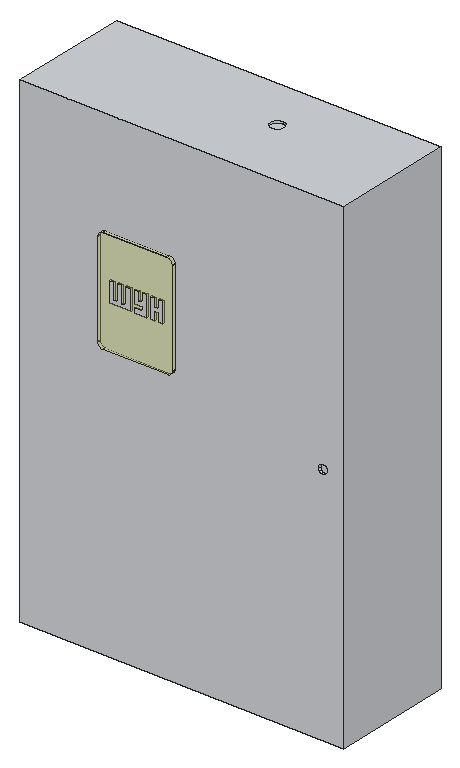
Revit family "ШУН", category Оборудование, Revit 2020
Family settings
  Размер круглого соединителя = Использовать диаметр
  Классификация = Нет
  Тип детали = Нормальный
  На основе рабочей плоскости = Нет
  Всегда вертикально = Да
  При загрузке вырезать с полостями = Нет
  Общий = Нет
  Точка расчета площади = Нет
Parameters (values of type "ШУН_SE_АВВ_75-110кВт")
  расст замок верт = 600 mm
  Ширина [instance] = 800 mm
  Расст вывода3 от левой стенки = 670 mm
  Расст замок = 750 mm
  Расст вывода2 от левой стенки = 570 mm
  Расст вывода от левой стенки = 470 mm
  Расст вывода от задней стенки = 100 mm
  Расст ПУШ от верхней стенки = 260 mm
  Расст ввод от задней стенки = 130 mm
  Расст ввод от левой стенки = 500 mm
  Расст ПУШ от левой стенки = 200 mm
  Отметка по умолчанию = 0 mm
  Описание = "ШУН-М предназначен для управления одно/трехфазным электродвигателем насоса систем водяного, пенного пожаротушения и противопожарного водопровода в режиме «Местный пуск» с лицевой панели ШУН-М или по сигналам любого модуля управления в режиме «Автоматический пуск» с отображением состояния насоса при помощи световой индикации и с передачей сигналов состояния на модуль управления."
  Назв гориз ПУШ = 120 mm
  Комментарии к типоразмеру = "Ш6/ABB"
  Изготовитель = "ООО \"Плазма-Т\""
  Группа модели = "ШУН-М"
  Глубина [instance] = 300 mm
  Высота [instance] = 1200 mm
  URL = "https://plazma-t.ru/"
Types (12, lengths in mm): name | расст замок верт | Ширина | Расст вывода3 от левой стенки | Расст замок | Расст вывода2 от левой стенки | Расст вывода от левой стенки | Расст вывода от задней стенки | Расст ПУШ от верхней стенки | Расст ввод от задней стенки | Расст ввод от левой стенки | Расст ПУШ от левой стенки | Назв гориз ПУШ | Комментарии к типоразмеру | Глубина | Высота
  ШУН_DEK _ 0,37-11кВт | 195 | 310 | 210 | 55 | 155 | 105.005 | 55 | 48 | 55 | 60 | 80 | 180 | "Ш1/DEK" | 220 | 395
  ШУН_SE_АВВ_0,37-11кВт | 195 | 305 | 210 | 260 | 150 | 90 | 100 | 48 | 100 | 220 | 30 | 120 | "Ш1/ABB" | 204 | 405
  ШУН_IP54_DEK_15-37кВт | 250 | 400 | 270 | 55 | 210 | 150 | 55 | 80 | 60 | 320 | 110 | 210 | "Ш2/IP54/DEK" | 225 | 500
  ШУН_IP31_DEK_15-37кВт | 250 | 400 | 270 | 55 | 210 | 150 | 55 | 80 | 60 | 320 | 110 | 210 | "Ш2/IP31/DEK" | 200 | 500
  ШУН_SE_АВВ_15-37кВт | 350 | 500 | 380 | 450 | 320 | 260 | 125 | 130 | 100 | 315 | 140 | 120 | "Ш3/ABB" | 250 | 700
  ШУН_DEK _ 45кВт | 400 | 650 | 330 | 55 | 260 | 190 | 125 | 180 | 60 | 400 | 340 | 210 | "Ш4/DEK" | 250 | 800
  ШУН_SE_АВВ_45кВт | 400 | 600 | 270 | 550 | 210 | 150 | 125 | 170 | 100 | 355 | 150 | 120 | "Ш4/ABB" | 250 | 800
  ШУН_IP31_DEK_55кВт | 500 | 650 | 325 | 55 | 270 | 215 | 55 | 180 | 60 | 400 | 340 | 210 | "Ш5/IP31/DEK" | 300 | 1000
  ШУН_IP54_DEK_55кВт | 500 | 650 | 480 | 55 | 380 | 280 | 125 | 240 | 60 | 400 | 340 | 210 | "Ш5/IP54/DEK" | 285 | 1000
  ШУН_SE_АВВ_55кВт | 400 | 600 | 270 | 550 | 210 | 150 | 100 | 240 | 100 | 355 | 150 | 120 | "Ш5/ABB" | 300 | 1000
  ШУН_DEK _ 75-110кВт | 600 | 750 | 480 | 55 | 380 | 280 | 125 | 350 | 60 | 400 | 410 | 210 | "Ш6/DEK" | 300 | 1200
  ШУН_SE_АВВ_75-110кВт | 600 | 800 | 670 | 750 | 570 | 470 | 100 | 260 | 130 | 500 | 200 | 120 | "Ш6/ABB" | 300 | 1200
Reference planes
  plane 1 "По центру (Вперед/Назад)": y = 0
  plane 2: z = 0
  plane 3 "По центру (Влево/Вправо)": x = 0
  plane 4: y = -9
  plane 5 "Текст": y = -9
Forms (mm)
  Extrusion 1, solid
    sketch origin (0, 0, 0) x (1, 0, 0) y (0, 1, 0)
      loop
        line (0, 0) -> (800, 0) -> (800, 300) -> (0, 300) -> (0, 0)
    from 0 to 1200
  Extrusion 2, solid, material "Источник света по умолчанию"
    sketch origin (0, 0, 0) x (1, 0, 0) y (0, 0, 1)
      loop
        arc (213, 940) -> (203.808, 936.192) -> (200, 927) r 13
        line (200, 927) -> (200, 693)
        arc (200, 693) -> (203.808, 683.808) -> (213, 680) r 13
        line (213, 680) -> (371.542, 680)
        arc (371.542, 680) -> (380.734, 683.808) -> (384.542, 693) r 13
        line (384.542, 693) -> (384.542, 927)
        arc (384.542, 927) -> (380.734, 936.192) -> (371.542, 940) r 13
        line (371.542, 940) -> (213, 940)
    from 0 to 9
  Extrusion 3, void
    sketch origin (0, 0, 0) x (1, 0, 0) y (0, 0, 1)
      loop
        circle (750, 600) r 11.5
    from 10 to -5.347
  Extrusion 4, void
    sketch origin (0, 0, 1200) x (0, 1, 0) y (1, 0, 0)
      loop
        circle (170, 500) r 17
    from 0 to 3
  Extrusion 5, void
    sketch origin (0, 0, 0) x (1, 0, 0) y (0, 1, 0)
      loop
        circle (470, 200) r 17
    from 0 to 3
  Extrusion 6, void
    sketch origin (0, 0, 0) x (1, 0, 0) y (0, 1, 0)
      loop
        circle (570, 200) r 17
    from 0 to 3
  Extrusion 7, void
    sketch origin (0, 0, 0) x (1, 0, 0) y (0, 1, 0)
      loop
        circle (670, 200) r 17
    from 0 to 3
  Extrusion 8, solid
    sketch origin (6.165, -9, 682.743) x (0, 0, -1) y (-1, 0, 0)
      loop
        line (-157.257, -223.835) -> (-157.257, -233.835) -> (-117.257, -233.835) -> (-117.257, -243.835) -> (-157.257, -243.835) -> (-157.257, -253.835) -> (-117.257, -253.835) -> (-117.257, -263.835) -> (-157.257, -263.835) -> (-157.257, -273.835) -> (-107.257, -273.835) -> (-107.257, -223.835) -> (-157.257, -223.835)
      loop
        line (-157.257, -283.835) -> (-157.257, -293.835) -> (-137.257, -293.835) -> (-137.257, -303.835) -> (-157.257, -303.835) -> (-157.257, -313.835) -> (-107.257, -313.835) -> (-107.257, -283.835) -> (-117.257, -283.835) -> (-117.257, -303.835) -> (-127.257, -303.835) -> (-127.257, -283.835) -> (-157.257, -283.835)
      loop
        line (-157.257, -323.835) -> (-157.257, -333.835) -> (-137.257, -333.835) -> (-137.257, -343.835) -> (-157.257, -343.835) -> (-157.257, -353.835) -> (-107.257, -353.835) -> (-107.257, -343.835) -> (-127.257, -343.835) -> (-127.257, -333.835) -> (-107.257, -333.835) -> (-107.257, -323.835) -> (-157.257, -323.835)
    from 0 to 3
  Extrusion 9, void
    sketch origin (0, 0, 0) x (1, 0, 0) y (0, 1, 0)
      loop
        circle (50, 50) r 17
      loop
        circle (100, 50) r 17
      loop
        circle (150, 50) r 17
      loop
        circle (200, 50) r 17
    from 0 to 3
Cuts and joins
  Extrusion 3, Extrusion 4, Extrusion 5, Extrusion 6, Extrusion 7, Extrusion 9 cuts Extrusion 1
Dimensions and locks
  "Ширина": Extrusion 1 to Extrusion 1
  "Глубина": Extrusion 1 to Extrusion 1
  "Высота": Extrusion 1 to Extrusion 1
  Extrusion 1 to Extrusion 2 sketch curve = 260 mm
  "Расст ПУШ от верхней стенки": Extrusion 1 to Extrusion 2
  "расст замок верт": Extrusion 1 to Extrusion 3 sketch curve
  "Расст замок": Extrusion 1 to Extrusion 3 sketch curve
  "Расст ввод от левой стенки": Extrusion 4 sketch curve to cut or joined group of Extrusion 1, Extrusion 3, Extrusion 4, Extrusion 5, Extrusion 6, Extrusion 7, Extrusion 9
  "Расст ввод от задней стенки": cut or joined group of Extrusion 1, Extrusion 3, Extrusion 4, Extrusion 5, Extrusion 6, Extrusion 7, Extrusion 9 to Extrusion 4 sketch curve
  locked: Extrusion 2 sketch curve to Extrusion 2 sketch curve at 184.542
  locked: Extrusion 2 sketch curve to Extrusion 2 sketch curve at 260
  "Расст ПУШ от левой стенки": cut or joined group of Extrusion 1, Extrusion 3, Extrusion 4, Extrusion 5, Extrusion 6, Extrusion 7, Extrusion 9 to Extrusion 2 sketch curve
  "Расст вывода от левой стенки": cut or joined group of Extrusion 1, Extrusion 3, Extrusion 4, Extrusion 5, Extrusion 6, Extrusion 7, Extrusion 9 to Extrusion 5 sketch curve
  "Расст вывода от задней стенки": cut or joined group of Extrusion 1, Extrusion 3, Extrusion 4, Extrusion 5, Extrusion 6, Extrusion 7, Extrusion 9 to Extrusion 5 sketch curve
  "Расст вывода от задней стенки": cut or joined group of Extrusion 1, Extrusion 3, Extrusion 4, Extrusion 5, Extrusion 6, Extrusion 7, Extrusion 9 to Extrusion 6 sketch curve
  "Расст вывода2 от левой стенки": cut or joined group of Extrusion 1, Extrusion 3, Extrusion 4, Extrusion 5, Extrusion 6, Extrusion 7, Extrusion 9 to Extrusion 6 sketch curve
  "Расст вывода от задней стенки": cut or joined group of Extrusion 1, Extrusion 3, Extrusion 4, Extrusion 5, Extrusion 6, Extrusion 7, Extrusion 9 to Extrusion 7 sketch curve
  "Расст вывода3 от левой стенки": cut or joined group of Extrusion 1, Extrusion 3, Extrusion 4, Extrusion 5, Extrusion 6, Extrusion 7, Extrusion 9 to Extrusion 7 sketch curve
  cut or joined group of Extrusion 1, Extrusion 3, Extrusion 4, Extrusion 5, Extrusion 6, Extrusion 7, Extrusion 9 to cut or joined group of Extrusion 1, Extrusion 3, Extrusion 4, Extrusion 5, Extrusion 6, Extrusion 7, Extrusion 9 = 800 mm
  locked: Extrusion 2 to Extrusion 8 at 160
  locked: Extrusion 2 to Extrusion 8 at 30
  locked: Extrusion 8 to Extrusion 8 at 50  (x3)
  locked: Extrusion 8 to Extrusion 8 at 90
  Extrusion 8 sketch curve to Extrusion 8 sketch curve = 130 mm
  Extrusion 8 sketch curve to Extrusion 8 sketch curve = 50 mm
  Extrusion 8 sketch curve to Extrusion 8 sketch curve = 30 mm
  cut or joined group of Extrusion 1, Extrusion 3, Extrusion 4, Extrusion 5, Extrusion 6, Extrusion 7, Extrusion 9 to Extrusion 9 sketch curve = 50 mm  (x2)
  Extrusion 9 sketch curve to Extrusion 9 sketch curve to Extrusion 9 sketch curve to Extrusion 9 sketch curve = 50 mm, 50 mm, 50 mm
  diameter of Extrusion 4 sketch curve = 34 mm
  aligned and locked: level to plane 2
  aligned and locked: Extrusion 1 to level
  aligned and locked: Extrusion 1 to plane 3 "По центру (Влево/Вправо)"
  aligned and locked: plane 1 "По центру (Вперед/Назад)" to Extrusion 1
  aligned and locked: plane 5 "Текст" to Extrusion 2
Automatic sketch dimensions
  plane 3 "По центру (Влево/Вправо)" to Extrusion 1 sketch curve = 0 mm
  plane 1 "По центру (Вперед/Назад)" to Extrusion 1 sketch curve = 0 mm
  plane 3 "По центру (Влево/Вправо)" to Extrusion 1 sketch curve = 800 mm
  Extrusion 1 sketch curve to plane 1 "По центру (Вперед/Назад)" = 300 mm
  plane 3 "По центру (Влево/Вправо)" to Extrusion 8 sketch curve = 230 mm
  level to Extrusion 8 sketch curve = 840 mm
  Extrusion 8 sketch curve to Extrusion 8 sketch curve = 0 mm  (x9)
  Extrusion 8 sketch curve to Extrusion 8 sketch curve = 20 mm  (x3)
  Extrusion 8 sketch curve to Extrusion 8 sketch curve = 10 mm  (x19)
  Extrusion 9 sketch curve to plane 1 "По центру (Вперед/Назад)" = 50 mm  (x3)
  Extrusion 2 sketch curve to Extrusion 2 sketch curve = 13 mm  (x4)
  radius of Extrusion 9 sketch curve = 17 mm  (x4)
  radius of Extrusion 3 sketch curve = 11.5 mm
  radius of Extrusion 5 sketch curve = 17 mm
  radius of Extrusion 6 sketch curve = 17 mm
  radius of Extrusion 7 sketch curve = 17 mm
Connectors
  electrical at (500, 170, 1197)
    settings: on cut or joined group of Extrusion 1, Extrusion 3, Extrusion 4, Extrusion 5, Extrusion 6, Extrusion 7, Extrusion 9, index 1, voltage 0 V, apparent load 0 VA, apparent load phase1 0 VA, apparent load phase2 0 VA, apparent load phase3 0 VA, power factor 1, load classification "Прочее", number of poles 1, system type 30, power factor state 1, is connector primary yes, connector utility no, sub classification motor no, connector description "380V"
  electrical at (470, 200, 3)
    settings: on cut or joined group of Extrusion 1, Extrusion 3, Extrusion 4, Extrusion 5, Extrusion 6, Extrusion 7, Extrusion 9, index 2, voltage 0 V, apparent load 0 VA, apparent load phase1 0 VA, apparent load phase2 0 VA, apparent load phase3 0 VA, power factor 1, load classification "Прочее", number of poles 1, system type 11, power factor state 1, is connector primary no, connector utility no, sub classification motor no, connector description "24V или 220V"
  electrical at (570, 200, 3)
    settings: on cut or joined group of Extrusion 1, Extrusion 3, Extrusion 4, Extrusion 5, Extrusion 6, Extrusion 7, Extrusion 9, index 3, voltage 0 V, apparent load 0 VA, apparent load phase1 0 VA, apparent load phase2 0 VA, apparent load phase3 0 VA, power factor 1, load classification "Прочее", number of poles 1, system type 11, power factor state 1, is connector primary no, connector utility no, sub classification motor no, connector description "шлейф"
  electrical at (50, 50, 3)
    settings: on cut or joined group of Extrusion 1, Extrusion 3, Extrusion 4, Extrusion 5, Extrusion 6, Extrusion 7, Extrusion 9, index 4, voltage 0 V, apparent load 0 VA, apparent load phase1 0 VA, apparent load phase2 0 VA, apparent load phase3 0 VA, power factor 1, load classification "Прочее", number of poles 1, system type 13, power factor state 1, is connector primary no, connector utility no, sub classification motor no, connector description "реле"
  electrical at (100, 50, 3)
    settings: on cut or joined group of Extrusion 1, Extrusion 3, Extrusion 4, Extrusion 5, Extrusion 6, Extrusion 7, Extrusion 9, index 5, voltage 0 V, apparent load 0 VA, apparent load phase1 0 VA, apparent load phase2 0 VA, apparent load phase3 0 VA, power factor 1, load classification "Прочее", number of poles 1, system type 13, power factor state 1, is connector primary no, connector utility no, sub classification motor no, connector description "реле"
  electrical at (150, 50, 3)
    settings: on cut or joined group of Extrusion 1, Extrusion 3, Extrusion 4, Extrusion 5, Extrusion 6, Extrusion 7, Extrusion 9, index 6, voltage 0 V, apparent load 0 VA, apparent load phase1 0 VA, apparent load phase2 0 VA, apparent load phase3 0 VA, power factor 1, load classification "Прочее", number of poles 1, system type 13, power factor state 1, is connector primary no, connector utility no, sub classification motor no, connector description "реле"
  electrical at (200, 50, 3)
    settings: on cut or joined group of Extrusion 1, Extrusion 3, Extrusion 4, Extrusion 5, Extrusion 6, Extrusion 7, Extrusion 9, index 7, voltage 0 V, apparent load 0 VA, apparent load phase1 0 VA, apparent load phase2 0 VA, apparent load phase3 0 VA, power factor 1, load classification "Прочее", number of poles 1, system type 13, power factor state 1, is connector primary no, connector utility no, sub classification motor no, connector description "нагрузка 14V"
  electrical at (670, 200, 3)
    settings: on cut or joined group of Extrusion 1, Extrusion 3, Extrusion 4, Extrusion 5, Extrusion 6, Extrusion 7, Extrusion 9, index 8, voltage 0 V, apparent load 0 VA, apparent load phase1 0 VA, apparent load phase2 0 VA, apparent load phase3 0 VA, power factor 1, load classification "Прочее", number of poles 1, system type 11, power factor state 1, is connector primary no, connector utility no, sub classification motor no, connector description "шлейф"
